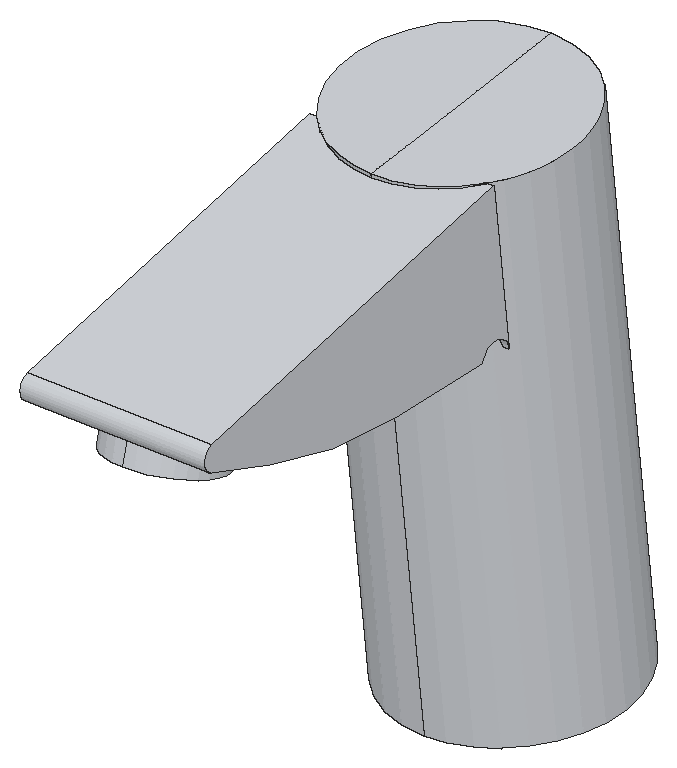
Revit family "ENM6420", category Generic Models, Revit 2015
Parameters
  URL = "WWW.YEPSKETCH.COM"
  Model = "ENM6420"
  Manufacturer = "ENWARE"
  Author = "yepsketch"
Reference planes
  plane 1 "Center (Front/Back)": y = 0
  plane 2: z = 0
  plane 3 "Center (Left/Right)": x = 0
  plane 4: y = -115
  plane 5: z = 103
Forms (mm)
  Revolve 1, solid
    sketch origin (0, 0, 0) x (0, 1, 0) y (0, 0, 1)
      loop
        line (0, 0) -> (-17.633, 143.611) -> (-47.188, 139.982) -> (-30, 0) -> (0, 0)
      axis (-17.633, 143.611) -> (0, 0)
    angle from 0 to 360
  Extrusion 2, solid
    sketch origin (0, 0, 0) x (0, 1, 0) y (0, 0, 1)
      loop
        line (-37.025, 141.164) -> (-129.797, 120.754)
        arc (-129.797, 120.754) -> (-132.145, 117.479) -> (-129.797, 114.203) r 3.46
        line (-129.797, 114.203) -> (-110.709, 107.722)
        arc (-110.709, 107.722) -> (-90.145, 102.57) -> (-69.016, 100.837) r 129.687
        line (-69.016, 100.837) -> (-40.898, 100.837)
        arc (-40.898, 100.837) -> (-36.323, 104.444) -> (-32.033, 100.501) r 4.493
        line (-32.033, 100.501) -> (-37.025, 141.164)
    from -24.374 to 24.21
  Revolve 3, solid
    sketch origin (0, 0, 0) x (0, 1, 0) y (0, 0, 1)
      loop
        line (-115, 103) -> (-113.135, 109.961) -> (-126.633, 114.874) -> (-128.822, 106.704) -> (-115, 103)
      axis (-112.811, 111.17) -> (-115, 103)
    angle from 0 to 360
Cuts and joins
  joined: Revolve 1, Extrusion 2
Dimensions and locks
  plane 1 "Center (Front/Back)" to plane 4 = 115 mm
  aligned and locked: plane 2 to level
